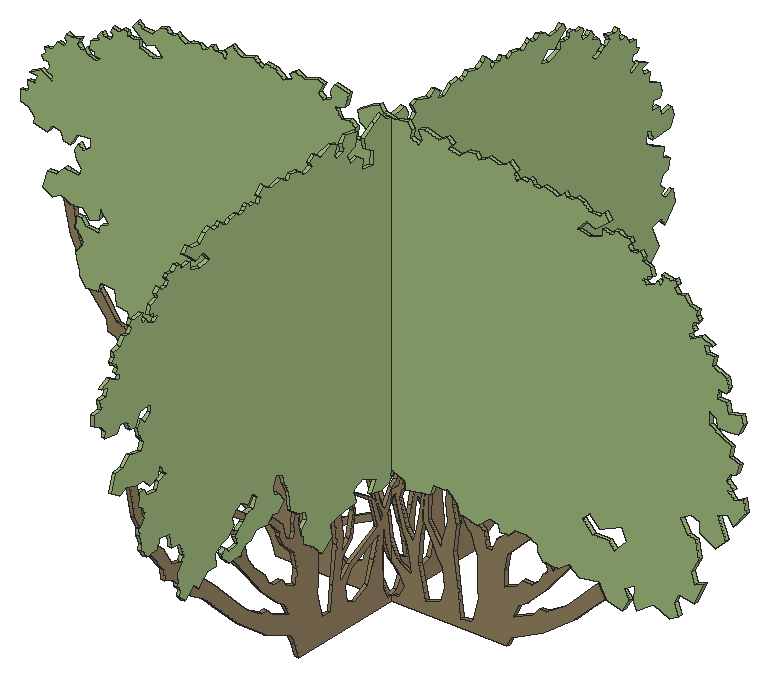
Revit family "L-PL상록관목_꽝꽝나무", category 수목, Revit 2019
Family settings
  OmniClass 번호 = 23.40.05.00
  OmniClass 제목 = Plants and Planting Products
  작업 기준면 기반 = 아니오
  항상 수직 = 예
  로드될 때 보이드를 사용하여 절단 = 아니오
  렌더 모양 소스 = 패밀리 형상
  공유 = 아니오
Parameters (values of type "꽝꽝나무")
  한국산업규격KS = ""
  조달청표준공사코드-세부공종 = "10161599202809"
  높이 = 1000 mm
  건설정보분류체계-부위분류 = "E985"
  LIM_INFO_주의사항 = "재배포, 재가공, 판매 금지"
  LIM_INFO_제작일 = "20211210"
  LIM_INFO_버전 = "2022_V01"
  LIM_INFO_PL_학명 = "Quercus myrsinaefolia Bl."
  LIM_INFO_PL_품명 = "가시나무"
  LIM_INFO_PL_주당인정수량 = 0
  LIM_INFO_PL_수목단위 = "주"
  LIM_INFO_PL_규격 = "5.0H X 18R"
  LIM_INFO_PL_구분 = "상록교목"
  LIM_INFO_PL_가격 = 0
  LIM_INFO_PL_Qty [instance] = 0
  LIM_INFO_PL_M2당수량 = 0
  KBIMS_식별-버전 = ""
  KBIMS_식별-bSK등록번호 = ""
  KBIMS_보급정보-저작자 = "림인포테크_MMJ"
  KBIMS_보급정보-보급코드 = ""
Reference planes
  plane 1 "중심(앞/뒤)": y = 0
  plane 2: z = 0
  plane 3 "중심(왼쪽/오른쪽)": x = 0
  plane 4: x = 482.5
  plane 5: x = -607.5
  plane 6: z = -545
  plane 7: z = -817.5
  plane 8: z = 5000
  plane 9: x = -100
  plane 10: x = 100
Dimensions and locks
  plane 4 to plane 5 = 1090 mm
  plane 6 to level = 545 mm
  plane 7 to plane 6 = 272.5 mm
  locked: level to plane 8 at 5000
  plane 9 to plane 10 = 200 mm
  aligned and locked: level to plane 2
Nested families
  nested 1: "꽝꽝나무_base" at (0, 0, 0), type "꽝꽝나무_base"
Definition of nested family "꽝꽝나무_base"
  Parameters (values of type "꽝꽝나무_base")
    Height = 6000 mm
  Reference planes
    plane 1 "중심(앞/뒤)": y = 0
    plane 2: z = 0
    plane 3 "중심(왼쪽/오른쪽)": x = 0
  Forms (mm)
    Extrusion 1, solid, detail levels fine
      sketch origin (0, 0, 0) x (1, 0, 0) y (0, 0, 1)
        loop
          line (-133.994, 125.505) -> (-118.815, 109.897) -> (-101.467, 123.771) -> (-104.937, 139.812) -> (-79.769, 145.683) -> (-60.265, 147.076) -> (-64.444, 165.181) -> (-48.423, 172.144) -> (-24.739, 161.003) -> (-33.795, 146.379) -> (-17.773, 142.897) -> (-4.538, 147.076) -> (2.428, 161.003) -> (18.45, 154.039) -> (19.843, 144.29) -> (54.672, 149.861) -> (58.852, 163.092) -> (77.66, 163.092) -> (91.591, 151.254) -> (94.378, 140.808) -> (117.365, 133.845) -> (135.476, 148.468) -> (148.712, 145.683) -> (150.105, 138.023) -> (161.947, 137.327) -> (170.306, 145.683) -> (185.631, 146.379) -> (201.652, 140.112) -> (201.652, 132.452) -> (209.315, 121.31) -> (229.516, 120.614) -> (244.841, 130.363) -> (258.949, 119.096) -> (285.525, 124.184) -> (295.138, 105.53) -> (318.321, 99.877) -> (328.499, 116.27) -> (319.452, 127.01) -> (334.719, 136.62) -> (333.588, 115.705) -> (338.112, 106.095) -> (360.73, 121.357) -> (383.914, 112.313) -> (396.354, 120.227) -> (390.699, 134.924) -> (395.223, 146.229) -> (417.275, 143.403) -> (430.846, 171.101) -> (418.406, 166.579) -> (413.883, 181.276) -> (422.93, 198.234) -> (418.972, 221.975) -> (408.228, 225.367) -> (399.181, 242.89) -> (412.752, 251.369) -> (425.192, 247.412) -> (425.192, 232.715) -> (446.679, 220.844) -> (460.25, 234.411) -> (448.941, 263.239) -> (463.642, 267.196) -> (470.993, 257.022) -> (487.391, 277.936) -> (484.71, 294.941) -> (472.8, 288.988) -> (463.316, 298.469) -> (471.256, 301.555) -> (461.552, 310.374) -> (467.507, 319.414) -> (476.108, 322.501) -> (479.417, 335.73) -> (466.625, 341.021) -> (468.389, 353.809) -> (454.274, 360.423) -> (437.953, 371.006) -> (439.056, 387.101) -> (447.878, 381.369) -> (449.422, 371.227) -> (467.727, 371.668) -> (478.755, 373.211) -> (485.592, 385.999) -> (482.504, 397.243) -> (464.64, 393.716) -> (461.773, 406.504) -> (448.981, 406.724) -> (450.524, 418.85) -> (461.773, 417.748) -> (465.301, 423.921) -> (461.368, 435.443) -> (443.153, 444.803) -> (445.465, 456.687) -> (434.898, 457.678) -> (431.596, 466.591) -> (442.163, 468.572) -> (427.633, 475.504) -> (411.782, 467.581) -> (411.101, 473.77) -> (418.269, 478.249) -> (414.685, 483.112) -> (416.349, 489.638) -> (422.621, 489.766) -> (425.181, 494.628) -> (420.701, 498.723) -> (421.597, 505.761) -> (410.333, 508.065) -> (403.804, 518.046) -> (394.46, 516.51) -> (390.876, 523.42) -> (394.076, 526.491) -> (391.644, 533.274) -> (385.884, 530.458) -> (372.534, 533.028) -> (375.606, 526.502) -> (371.254, 519.592) -> (366.646, 523.559) -> (362.806, 516.521) -> (351.925, 512.81) -> (344.629, 518.824) -> (352.821, 519.208) -> (353.077, 524.199) -> (360.246, 525.35) -> (357.942, 535.843) -> (345.781, 539.938) -> (348.085, 545.313) -> (343.477, 551.711) -> (339.125, 547.014) -> (330.193, 547.014) -> (326.744, 552.656) -> (330.82, 557.044) -> (328.703, 561.981) -> (319.767, 560.414) -> (313.652, 565.586) -> (308.086, 564.489) -> (307.616, 559.317) -> (301.005, 558.316) -> (291.418, 560.513) -> (291.618, 550.529) -> (272.643, 545.138) -> (257.462, 548.532) -> (269.846, 561.511) -> (281.231, 557.118) -> (292.417, 566.703) -> (300.406, 573.092) -> (294.414, 581.478) -> (287.423, 576.087) -> (273.242, 574.889) -> (264.066, 583.973) -> (255.291, 586.815) -> (249.976, 582.12) -> (242.19, 582.49) -> (239.348, 586.815) -> (235.764, 582.737) -> (227.483, 578.166) -> (220.686, 581.749) -> (209.81, 583.849) -> (203.012, 579.155) -> (196.943, 581.432) -> (195.347, 585.73) -> (190.925, 587.449) -> (187.977, 582.906) -> (179.625, 583.765) -> (172.501, 578.608) -> (169.553, 586.098) -> (173.484, 589.904) -> (163.657, 598.254) -> (159.236, 593.465) -> (150.137, 589.612) -> (133.864, 593.532) -> (128.179, 589.024) -> (121.316, 585.888) -> (117.199, 592.356) -> (105.043, 590.004) -> (92.692, 581.38) -> (79.948, 584.908) -> (84.849, 591.768) -> (76.131, 597.292) -> (65.999, 591.448) -> (46.708, 597.097) -> (37.94, 593.98) -> (44.175, 582.488) -> (38.135, 576.06) -> (26.834, 579.956) -> (28.587, 590.085) -> (22.937, 599.045) -> (4.036, 594.954) -> (-9.603, 598.461) -> (-15.254, 606.252) -> (-27.14, 600.408) -> (-45.542, 589.131) -> (-42.771, 575.976) -> (-28.92, 566.976) -> (-29.612, 550.013) -> (-50.043, 553.475) -> (-48.658, 565.591) -> (-56.969, 572.168) -> (-69.781, 569.053) -> (-76.707, 582.553) -> (-62.386, 587.298) -> (-58.705, 604.304) -> (-77.606, 608.395) -> (-83.256, 599.434) -> (-81.503, 589.306) -> (-92.804, 585.41) -> (-98.844, 591.838) -> (-92.609, 603.33) -> (-101.378, 606.447) -> (-120.668, 600.798) -> (-130.8, 606.642) -> (-139.518, 601.117) -> (-134.617, 594.258) -> (-147.361, 590.73) -> (-159.712, 599.354) -> (-171.868, 601.705) -> (-175.985, 595.238) -> (-182.848, 598.374) -> (-188.533, 602.881) -> (-204.806, 598.962) -> (-213.905, 602.815) -> (-218.326, 607.604) -> (-228.153, 599.254) -> (-224.222, 595.448) -> (-227.17, 587.958) -> (-234.294, 593.115) -> (-242.646, 592.255) -> (-245.594, 596.798) -> (-250.016, 595.079) -> (-251.613, 590.782) -> (-257.681, 588.504) -> (-264.479, 593.199) -> (-275.355, 591.099) -> (-282.152, 587.516) -> (-290.433, 592.087) -> (-294.017, 596.164) -> (-296.859, 591.84) -> (-304.646, 591.469) -> (-309.96, 596.164) -> (-318.735, 593.323) -> (-327.911, 584.239) -> (-342.092, 585.437) -> (-349.083, 590.828) -> (-355.075, 582.442) -> (-347.086, 576.052) -> (-335.9, 566.468) -> (-324.515, 570.861) -> (-312.131, 557.882) -> (-327.312, 554.488) -> (-346.287, 559.879) -> (-346.087, 569.863) -> (-355.675, 567.666) -> (-362.285, 568.667) -> (-362.756, 573.839) -> (-368.321, 574.936) -> (-374.436, 569.764) -> (-383.372, 571.331) -> (-385.489, 566.394) -> (-381.413, 562.006) -> (-384.862, 556.363) -> (-393.794, 556.363) -> (-398.146, 561.061) -> (-402.754, 554.662) -> (-400.45, 549.288) -> (-412.611, 545.193) -> (-414.915, 534.7) -> (-407.746, 533.548) -> (-407.49, 528.558) -> (-399.298, 528.174) -> (-406.594, 522.16) -> (-417.475, 525.871) -> (-421.315, 532.909) -> (-425.923, 528.942) -> (-430.275, 535.852) -> (-427.203, 542.378) -> (-440.553, 539.808) -> (-446.313, 542.623) -> (-448.745, 535.841) -> (-445.545, 532.77) -> (-449.129, 525.86) -> (-458.474, 527.396) -> (-465.002, 517.414) -> (-476.266, 515.111) -> (-475.37, 508.073) -> (-479.85, 503.978) -> (-477.29, 499.116) -> (-471.018, 498.988) -> (-469.354, 492.461) -> (-472.938, 487.599) -> (-465.77, 483.12) -> (-466.451, 476.931) -> (-482.302, 484.854) -> (-496.832, 477.921) -> (-486.265, 475.941) -> (-489.567, 467.028) -> (-500.134, 466.037) -> (-497.822, 454.153) -> (-510.041, 451.512) -> (-509.38, 437.647) -> (-498.813, 433.356) -> (-490.558, 424.113) -> (-491.878, 416.19) -> (-471.735, 412.559) -> (-465.791, 421.802) -> (-454.563, 419.821) -> (-449.94, 408.597) -> (-440.56, 407.273) -> (-431.607, 422.521) -> (-413.37, 423.847) -> (-412.375, 413.239) -> (-423.317, 405.947) -> (-429.617, 412.576) -> (-435.254, 403.295) -> (-432.933, 391.362) -> (-424.975, 383.075) -> (-428.763, 372.875) -> (-441.93, 374.691) -> (-448.514, 376.733) -> (-459.638, 365.386) -> (-472.578, 363.797) -> (-479.448, 342.451) -> (-466.012, 334.102) -> (-454.517, 340.191) -> (-440.413, 334.051) -> (-424.716, 334.96) -> (-414.024, 324.044) -> (-401.284, 328.593) -> (-399.237, 341.555) -> (-387.233, 326.207) -> (-398.755, 321.976) -> (-402.282, 312.809) -> (-419.211, 314.219) -> (-424.855, 323.151) -> (-432.144, 322.446) -> (-435.436, 307.403) -> (-426.736, 300.821) -> (-423.051, 292.491) -> (-433.431, 278.648) -> (-432.676, 269.44) -> (-428.146, 257.364) -> (-428.599, 249.666) -> (-420.445, 238.495) -> (-401.634, 239.254) -> (-399.694, 251.619) -> (-379.807, 249.68) -> (-376.896, 231.254) -> (-362.83, 229.071) -> (-357.009, 212.585) -> (-367.68, 194.401) -> (-366.953, 177.914) -> (-361.132, 171.126) -> (-362.587, 163.852) -> (-355.069, 155.852) -> (-349.248, 159.488) -> (-338.819, 167.004) -> (-331.058, 159.973) -> (-317.234, 175.005) -> (-302.164, 174.494) -> (-303.328, 190.782) -> (-293.629, 198.538) -> (-280.44, 200.477) -> (-271.129, 212.111) -> (-273.845, 222.582) -> (-257.551, 234.216) -> (-247.077, 226.848) -> (-239.706, 237.319) -> (-230.396, 229.175) -> (-236.215, 217.541) -> (-250.569, 217.928) -> (-253.284, 208.233) -> (-264.146, 202.416) -> (-267.054, 196.169) -> (-263.166, 185.965) -> (-278.234, 182.078) -> (-284.31, 189.609) -> (-291.844, 185.479) -> (-288.684, 179.162) -> (-277.748, 168.958) -> (-257.576, 169.687) -> (-250.042, 179.648) -> (-241.05, 179.891) -> (-233.03, 188.151) -> (-226.468, 189.123) -> (-211.886, 186.937) -> (-204.352, 196.169) -> (-195.603, 193.982) -> (-185.153, 205.644) -> (-192.444, 216.82) -> (-202.165, 219.249) -> (-203.866, 229.21) -> (-197.791, 242.816) -> (-186, 237.55) -> (-182.371, 222.562) -> (-175.044, 210.928) -> (-172.16, 186.203) -> (-160.884, 177.532) -> (-146.138, 174.497) -> (-145.271, 163.658) -> (-153.077, 154.987) -> (-151.342, 137.211) -> (-133.994, 125.505)
        loop
          line (316.735, 202.802) -> (287.359, 189.377) -> (273.217, 203.519) -> (263.213, 193.515) -> (277.355, 179.373) -> (299.043, 179.373) -> (307.923, 170.493) -> (324.105, 186.675) -> (316.735, 202.802)
      from 0 to 5
    Extrusion 2, solid, detail levels fine
      sketch origin (0, 0, 0) x (1, 0, 0) y (0, 0, 1)
        loop
          line (-346.333, 161.589) -> (-343.667, 157.417) -> (-321.431, 143.434) -> (-290.227, 114.034) -> (-260.015, 84.828) -> (-217.242, 53.828) -> (-173.043, 32.448) -> (-165.558, 19.621) -> (-158.625, 0) -> (158.625, 0) -> (166.11, 12.828) -> (210.309, 34.207) -> (253.082, 65.208) -> (283.295, 94.414) -> (295.123, 105.559) -> (286.19, 122.894) -> (241.696, 78.416) -> (214.622, 62.291) -> (204.829, 61.715) -> (196.764, 52.501) -> (168.537, 39.832) -> (176.026, 55.381) -> (188.123, 64.019) -> (212.893, 87.054) -> (246.813, 128.788) -> (244.841, 130.363) -> (229.516, 120.614) -> (228.637, 120.644) -> (224.478, 116.323) -> (222.899, 117.184) -> (220.346, 120.93) -> (212.737, 121.192) -> (215.963, 115.263) -> (215.963, 109.491) -> (210.419, 107.841) -> (203.791, 94.913) -> (193.41, 88.389) -> (181.125, 88.551) -> (172.881, 78.37) -> (157.039, 72.553) -> (155.908, 91.621) -> (160.434, 113.113) -> (192.311, 143.766) -> (185.631, 146.379) -> (170.306, 145.683) -> (161.947, 137.327) -> (157.602, 137.582) -> (152.332, 132.314) -> (145.294, 128.117) -> (144.553, 122.439) -> (138.256, 112.071) -> (132.206, 112.071) -> (129.983, 120.217) -> (128.255, 130.092) -> (121.043, 136.814) -> (117.365, 133.845) -> (98.774, 139.477) -> (104.054, 127.747) -> (111.215, 121.451) -> (115.043, 106.64) -> (119.472, 98.081) -> (119.472, 76.018) -> (119.486, 57.279) -> (121.206, 46.104) -> (112.025, 13.483) -> (96.396, 12.088) -> (92.488, 43.057) -> (86.906, 91.045) -> (90.256, 124.247) -> (84.632, 147.675) -> (84.632, 157.167) -> (77.66, 163.092) -> (76.024, 163.092) -> (74.749, 148.49) -> (78.488, 124.901) -> (69.054, 92.102) -> (51.202, 118.21) -> (52.429, 149.502) -> (46.493, 148.553) -> (43.598, 122.506) -> (44.59, 113.913) -> (57.483, 92.102) -> (63.764, 75.247) -> (71.368, 65.994) -> (74.012, 42.199) -> (68.062, 23.361) -> (47.565, 17.082) -> (37.962, 59.92) -> (41.168, 95.705) -> (45.299, 111.715) -> (43.9, 113.772) -> (43.159, 122.575) -> (46.057, 148.483) -> (42.619, 147.933) -> (40.114, 122.41) -> (35.094, 102.008) -> (30.815, 84.615) -> (21.547, 96.452) -> (11.338, 130.469) -> (14.441, 142.313) -> (19.525, 146.511) -> (18.761, 151.86) -> (16.479, 150.09) -> (17.609, 154.404) -> (13.891, 156.02) -> (10.866, 145.736) -> (1.98, 138.844) -> (-10.95, 116.92) -> (-19.288, 131.15) -> (-23.001, 144.034) -> (-27.19, 144.944) -> (-23.369, 127.213) -> (-14.445, 110.993) -> (-18.004, 104.959) -> (-28.146, 137.478) -> (-34.108, 142.897) -> (-63.659, 161.777) -> (-62.933, 158.633) -> (-32.889, 137.343) -> (-21.976, 100.541) -> (-71.701, 76.627) -> (-85.376, 62.677) -> (-88.725, 66.304) -> (-84.908, 84.998) -> (-82.396, 91.415) -> (-67.046, 105.923) -> (-61.743, 139.682) -> (-63.534, 146.842) -> (-66.357, 146.641) -> (-64.534, 139.961) -> (-71.512, 108.434) -> (-84.629, 96.437) -> (-83.234, 116.246) -> (-86.87, 144.027) -> (-96.967, 141.671) -> (-93.839, 110.666) -> (-99.421, 62.678) -> (-103.328, 31.708) -> (-118.958, 33.103) -> (-128.138, 65.724) -> (-126.418, 76.899) -> (-126.405, 95.639) -> (-126.405, 117.701) -> (-133.994, 125.505) -> (-151.342, 137.211) -> (-152.129, 145.268) -> (-155.32, 146.799) -> (-158.91, 157.682) -> (-159.953, 168.797) -> (-158.922, 177.128) -> (-160.884, 177.532) -> (-164.386, 180.225) -> (-166.438, 168.102) -> (-165.396, 157.335) -> (-168.06, 150.041) -> (-179.873, 154.904) -> (-183.232, 162.429) -> (-183.678, 166.681) -> (-186.914, 175.693) -> (-194.889, 184.012) -> (-205.901, 194.272) -> (-210.852, 188.204) -> (-201.16, 179.743) -> (-191.441, 167.599) -> (-191.603, 162.255) -> (-184.34, 149.055) -> (-167.367, 132.734) -> (-162.841, 111.242) -> (-163.972, 92.173) -> (-179.814, 97.991) -> (-188.058, 108.171) -> (-200.343, 108.01) -> (-210.724, 114.534) -> (-217.352, 127.461) -> (-236.588, 144.267) -> (-248.873, 162.043) -> (-252.103, 176.924) -> (-256.6, 170.977) -> (-256.405, 166.458) -> (-257.205, 165.619) -> (-261.241, 169.555) -> (-272.731, 169.14) -> (-249.781, 143.53) -> (-219.826, 106.674) -> (-195.056, 83.639) -> (-182.958, 75.001) -> (-175.47, 59.453) -> (-203.696, 72.122) -> (-211.761, 81.336) -> (-221.554, 81.912) -> (-248.629, 98.036) -> (-266.487, 115.888) -> (-303.987, 153.495) -> (-322.398, 169.39) -> (-331.058, 159.973) -> (-338.819, 167.004) -> (-346.333, 161.589)
        loop
          line (-264.169, 202.367) -> (-274.159, 208.325) -> (-277.012, 204.76) -> (-266.207, 197.988) -> (-264.169, 202.367)
        loop
          line (-11.703, 102.948) -> (-15.461, 65.689) -> (-14.774, 22.726) -> (-5.835, 5.197) -> (10.669, 9.321) -> (18.233, 24.101) -> (9.981, 39.911) -> (0.01, 51.254) -> (-9.273, 75.313) -> (-11.703, 102.948)
        loop
          line (-1.593, 76.041) -> (9.977, 51.209) -> (28.012, 42.364) -> (25.29, 62.094) -> (21.887, 80.464) -> (15.762, 91.349) -> (9.977, 113.461) -> (6.574, 131.15) -> (8.388, 137.314) -> (4.48, 134.087) -> (-7.639, 111.269) -> (-5.336, 107.337) -> (-1.593, 76.041)
        loop
          line (-21.543, 92.658) -> (-68.41, 70.157) -> (-79.068, 51.941) -> (-75.286, 32.006) -> (-61.877, 26.163) -> (-39.529, 36.13) -> (-30.246, 64.314) -> (-21.543, 92.658)
        loop
          line (-252.486, 211.083) -> (-250.569, 217.928) -> (-265.56, 228.498) -> (-272.215, 223.746) -> (-252.486, 211.083)
        loop
          line (-367.167, 182.762) -> (-367.68, 194.401) -> (-360.479, 206.672) -> (-377.147, 211.082) -> (-393.276, 236.996) -> (-400.887, 244.019) -> (-401.634, 239.254) -> (-415.214, 238.706) -> (-413.964, 237.73) -> (-391.369, 210.481) -> (-389.934, 196.14) -> (-379.174, 192.554) -> (-367.167, 182.762)
        loop
          line (-432.692, 279.632) -> (-425.662, 289.008) -> (-430.144, 299.191) -> (-431.104, 304.126) -> (-435.436, 307.403) -> (-433.48, 316.34) -> (-436.964, 334.25) -> (-440.413, 334.051) -> (-449.88, 338.172) -> (-440.513, 296.311) -> (-432.692, 279.632)
      from 0 to 5
    Extrusion 3, solid, detail levels fine
      sketch origin (-4.99, -5.01, 0) x (0, 1, 0) y (0, 0, 1)
        loop
          line (-133.994, 125.505) -> (-118.815, 109.897) -> (-101.467, 123.771) -> (-104.937, 139.812) -> (-79.769, 145.683) -> (-60.265, 147.076) -> (-64.444, 165.181) -> (-48.423, 172.144) -> (-24.739, 161.003) -> (-33.795, 146.379) -> (-17.773, 142.897) -> (-4.538, 147.076) -> (2.428, 161.003) -> (18.45, 154.039) -> (19.843, 144.29) -> (54.672, 149.861) -> (58.852, 163.092) -> (77.66, 163.092) -> (91.591, 151.254) -> (94.378, 140.808) -> (117.365, 133.845) -> (135.476, 148.468) -> (148.712, 145.683) -> (150.105, 138.023) -> (161.947, 137.327) -> (170.306, 145.683) -> (185.631, 146.379) -> (201.652, 140.112) -> (201.652, 132.452) -> (209.315, 121.31) -> (229.516, 120.614) -> (244.841, 130.363) -> (258.949, 119.096) -> (285.525, 124.184) -> (295.138, 105.53) -> (318.321, 99.877) -> (328.499, 116.27) -> (319.452, 127.01) -> (334.719, 136.62) -> (333.588, 115.705) -> (338.112, 106.095) -> (360.73, 121.357) -> (383.914, 112.313) -> (396.354, 120.227) -> (390.699, 134.924) -> (395.223, 146.229) -> (417.275, 143.403) -> (430.846, 171.101) -> (418.406, 166.579) -> (413.883, 181.276) -> (422.93, 198.234) -> (418.972, 221.975) -> (408.228, 225.367) -> (399.181, 242.89) -> (412.752, 251.369) -> (425.192, 247.412) -> (425.192, 232.715) -> (446.679, 220.844) -> (460.25, 234.411) -> (448.941, 263.239) -> (463.642, 267.196) -> (470.993, 257.022) -> (487.391, 277.936) -> (484.71, 294.941) -> (472.8, 288.988) -> (463.316, 298.469) -> (471.256, 301.555) -> (461.552, 310.374) -> (467.507, 319.414) -> (476.108, 322.501) -> (479.417, 335.73) -> (466.625, 341.021) -> (468.389, 353.809) -> (454.274, 360.423) -> (437.953, 371.006) -> (439.056, 387.101) -> (447.878, 381.369) -> (449.422, 371.227) -> (467.727, 371.668) -> (478.755, 373.211) -> (485.592, 385.999) -> (482.504, 397.243) -> (464.64, 393.716) -> (461.773, 406.504) -> (448.981, 406.724) -> (450.524, 418.85) -> (461.773, 417.748) -> (465.301, 423.921) -> (461.368, 435.443) -> (443.153, 444.803) -> (445.465, 456.687) -> (434.898, 457.678) -> (431.596, 466.591) -> (442.163, 468.572) -> (427.633, 475.504) -> (411.782, 467.581) -> (411.101, 473.77) -> (418.269, 478.249) -> (414.685, 483.112) -> (416.349, 489.638) -> (422.621, 489.766) -> (425.181, 494.628) -> (420.701, 498.723) -> (421.597, 505.761) -> (410.333, 508.065) -> (403.804, 518.046) -> (394.46, 516.51) -> (390.876, 523.42) -> (394.076, 526.491) -> (391.644, 533.274) -> (385.884, 530.458) -> (372.534, 533.028) -> (375.606, 526.502) -> (371.254, 519.592) -> (366.646, 523.559) -> (362.806, 516.521) -> (351.925, 512.81) -> (344.629, 518.824) -> (352.821, 519.208) -> (353.077, 524.199) -> (360.246, 525.35) -> (357.942, 535.843) -> (345.781, 539.938) -> (348.085, 545.313) -> (343.477, 551.711) -> (339.125, 547.014) -> (330.193, 547.014) -> (326.744, 552.656) -> (330.82, 557.044) -> (328.703, 561.981) -> (319.767, 560.414) -> (313.652, 565.586) -> (308.086, 564.489) -> (307.616, 559.317) -> (301.005, 558.316) -> (291.418, 560.513) -> (291.618, 550.529) -> (272.643, 545.138) -> (257.462, 548.532) -> (269.846, 561.511) -> (281.231, 557.118) -> (292.417, 566.703) -> (300.406, 573.092) -> (294.414, 581.478) -> (287.423, 576.087) -> (273.242, 574.889) -> (264.066, 583.973) -> (255.291, 586.815) -> (249.976, 582.12) -> (242.19, 582.49) -> (239.348, 586.815) -> (235.764, 582.737) -> (227.483, 578.166) -> (220.686, 581.749) -> (209.81, 583.849) -> (203.012, 579.155) -> (196.943, 581.432) -> (195.347, 585.73) -> (190.925, 587.449) -> (187.977, 582.906) -> (179.625, 583.765) -> (172.501, 578.608) -> (169.553, 586.098) -> (173.484, 589.904) -> (163.657, 598.254) -> (159.236, 593.465) -> (150.137, 589.612) -> (133.864, 593.532) -> (128.179, 589.024) -> (121.316, 585.888) -> (117.199, 592.356) -> (105.043, 590.004) -> (92.692, 581.38) -> (79.948, 584.908) -> (84.849, 591.768) -> (76.131, 597.292) -> (65.999, 591.448) -> (46.708, 597.097) -> (37.94, 593.98) -> (44.175, 582.488) -> (38.135, 576.06) -> (26.834, 579.956) -> (28.587, 590.085) -> (22.937, 599.045) -> (4.036, 594.954) -> (-9.603, 598.461) -> (-15.254, 606.252) -> (-27.14, 600.408) -> (-45.542, 589.131) -> (-42.771, 575.976) -> (-28.92, 566.976) -> (-29.612, 550.013) -> (-50.043, 553.475) -> (-48.658, 565.591) -> (-56.969, 572.168) -> (-69.781, 569.053) -> (-76.707, 582.553) -> (-62.386, 587.298) -> (-58.705, 604.304) -> (-77.606, 608.395) -> (-83.256, 599.434) -> (-81.503, 589.306) -> (-92.804, 585.41) -> (-98.844, 591.838) -> (-92.609, 603.33) -> (-101.378, 606.447) -> (-120.668, 600.798) -> (-130.8, 606.642) -> (-139.518, 601.117) -> (-134.617, 594.258) -> (-147.361, 590.73) -> (-159.712, 599.354) -> (-171.868, 601.705) -> (-175.985, 595.238) -> (-182.848, 598.374) -> (-188.533, 602.881) -> (-204.806, 598.962) -> (-213.905, 602.815) -> (-218.326, 607.604) -> (-228.153, 599.254) -> (-224.222, 595.448) -> (-227.17, 587.958) -> (-234.294, 593.115) -> (-242.646, 592.255) -> (-245.594, 596.798) -> (-250.016, 595.079) -> (-251.613, 590.782) -> (-257.681, 588.504) -> (-264.479, 593.199) -> (-275.355, 591.099) -> (-282.152, 587.516) -> (-290.433, 592.087) -> (-294.017, 596.164) -> (-296.859, 591.84) -> (-304.646, 591.469) -> (-309.96, 596.164) -> (-318.735, 593.323) -> (-327.911, 584.239) -> (-342.092, 585.437) -> (-349.083, 590.828) -> (-355.075, 582.442) -> (-347.086, 576.052) -> (-335.9, 566.468) -> (-324.515, 570.861) -> (-312.131, 557.882) -> (-327.312, 554.488) -> (-346.287, 559.879) -> (-346.087, 569.863) -> (-355.675, 567.666) -> (-362.285, 568.667) -> (-362.756, 573.839) -> (-368.321, 574.936) -> (-374.436, 569.764) -> (-383.372, 571.331) -> (-385.489, 566.394) -> (-381.413, 562.006) -> (-384.862, 556.363) -> (-393.794, 556.363) -> (-398.146, 561.061) -> (-402.754, 554.662) -> (-400.45, 549.288) -> (-412.611, 545.193) -> (-414.915, 534.7) -> (-407.746, 533.548) -> (-407.49, 528.558) -> (-399.298, 528.174) -> (-406.594, 522.16) -> (-417.475, 525.871) -> (-421.315, 532.909) -> (-425.923, 528.942) -> (-430.275, 535.852) -> (-427.203, 542.378) -> (-440.553, 539.808) -> (-446.313, 542.623) -> (-448.745, 535.841) -> (-445.545, 532.77) -> (-449.129, 525.86) -> (-458.474, 527.396) -> (-465.002, 517.414) -> (-476.266, 515.111) -> (-475.37, 508.073) -> (-479.85, 503.978) -> (-477.29, 499.116) -> (-471.018, 498.988) -> (-469.354, 492.461) -> (-472.938, 487.599) -> (-465.77, 483.12) -> (-466.451, 476.931) -> (-482.302, 484.854) -> (-496.832, 477.921) -> (-486.265, 475.941) -> (-489.567, 467.028) -> (-500.134, 466.037) -> (-497.822, 454.153) -> (-510.041, 451.512) -> (-509.38, 437.647) -> (-498.813, 433.356) -> (-490.558, 424.113) -> (-491.878, 416.19) -> (-471.735, 412.559) -> (-465.791, 421.802) -> (-454.563, 419.821) -> (-449.94, 408.597) -> (-440.56, 407.273) -> (-431.607, 422.521) -> (-413.37, 423.847) -> (-412.375, 413.239) -> (-423.317, 405.947) -> (-429.617, 412.576) -> (-435.254, 403.295) -> (-432.933, 391.362) -> (-424.975, 383.075) -> (-428.763, 372.875) -> (-441.93, 374.691) -> (-448.514, 376.733) -> (-459.638, 365.386) -> (-472.578, 363.797) -> (-479.448, 342.451) -> (-466.012, 334.102) -> (-454.517, 340.191) -> (-440.413, 334.051) -> (-424.716, 334.96) -> (-414.024, 324.044) -> (-401.284, 328.593) -> (-399.237, 341.555) -> (-387.233, 326.207) -> (-398.755, 321.976) -> (-402.282, 312.809) -> (-419.211, 314.219) -> (-424.855, 323.151) -> (-432.144, 322.446) -> (-435.436, 307.403) -> (-426.736, 300.821) -> (-423.051, 292.491) -> (-433.431, 278.648) -> (-432.676, 269.44) -> (-428.146, 257.364) -> (-428.599, 249.666) -> (-420.445, 238.495) -> (-401.634, 239.254) -> (-399.694, 251.619) -> (-379.807, 249.68) -> (-376.896, 231.254) -> (-362.83, 229.071) -> (-357.009, 212.585) -> (-367.68, 194.401) -> (-366.953, 177.914) -> (-361.132, 171.126) -> (-362.587, 163.852) -> (-355.069, 155.852) -> (-349.248, 159.488) -> (-338.819, 167.004) -> (-331.058, 159.973) -> (-317.234, 175.005) -> (-302.164, 174.494) -> (-303.328, 190.782) -> (-293.629, 198.538) -> (-280.44, 200.477) -> (-271.129, 212.111) -> (-273.845, 222.582) -> (-257.551, 234.216) -> (-247.077, 226.848) -> (-239.706, 237.319) -> (-230.396, 229.175) -> (-236.215, 217.541) -> (-250.569, 217.928) -> (-253.284, 208.233) -> (-264.146, 202.416) -> (-267.054, 196.169) -> (-263.166, 185.965) -> (-278.234, 182.078) -> (-284.31, 189.609) -> (-291.844, 185.479) -> (-288.684, 179.162) -> (-277.748, 168.958) -> (-257.576, 169.687) -> (-250.042, 179.648) -> (-241.05, 179.891) -> (-233.03, 188.151) -> (-226.468, 189.123) -> (-211.886, 186.937) -> (-204.352, 196.169) -> (-195.603, 193.982) -> (-185.153, 205.644) -> (-192.444, 216.82) -> (-202.165, 219.249) -> (-203.866, 229.21) -> (-197.791, 242.816) -> (-186, 237.55) -> (-182.371, 222.562) -> (-175.044, 210.928) -> (-172.16, 186.203) -> (-160.884, 177.532) -> (-146.138, 174.497) -> (-145.271, 163.658) -> (-153.077, 154.987) -> (-151.342, 137.211) -> (-133.994, 125.505)
        loop
          line (316.735, 202.802) -> (287.359, 189.377) -> (273.217, 203.519) -> (263.213, 193.515) -> (277.355, 179.373) -> (299.043, 179.373) -> (307.923, 170.493) -> (324.105, 186.675) -> (316.735, 202.802)
      from 0 to 5
    Extrusion 4, solid, detail levels fine
      sketch origin (-4.99, -5.01, 0) x (0, 1, 0) y (0, 0, 1)
        loop
          line (-346.333, 161.589) -> (-343.667, 157.417) -> (-321.431, 143.434) -> (-290.227, 114.034) -> (-260.015, 84.828) -> (-217.242, 53.828) -> (-173.043, 32.448) -> (-165.558, 19.621) -> (-158.625, 0) -> (158.625, 0) -> (166.11, 12.828) -> (210.309, 34.207) -> (253.082, 65.208) -> (283.295, 94.414) -> (295.123, 105.559) -> (286.19, 122.894) -> (241.696, 78.416) -> (214.622, 62.291) -> (204.829, 61.715) -> (196.764, 52.501) -> (168.537, 39.832) -> (176.026, 55.381) -> (188.123, 64.019) -> (212.893, 87.054) -> (246.813, 128.788) -> (244.841, 130.363) -> (229.516, 120.614) -> (228.637, 120.644) -> (224.478, 116.323) -> (222.899, 117.184) -> (220.346, 120.93) -> (212.737, 121.192) -> (215.963, 115.263) -> (215.963, 109.491) -> (210.419, 107.841) -> (203.791, 94.913) -> (193.41, 88.389) -> (181.125, 88.551) -> (172.881, 78.37) -> (157.039, 72.553) -> (155.908, 91.621) -> (160.434, 113.113) -> (192.311, 143.766) -> (185.631, 146.379) -> (170.306, 145.683) -> (161.947, 137.327) -> (157.602, 137.582) -> (152.332, 132.314) -> (145.294, 128.117) -> (144.553, 122.439) -> (138.256, 112.071) -> (132.206, 112.071) -> (129.983, 120.217) -> (128.255, 130.092) -> (121.043, 136.814) -> (117.365, 133.845) -> (98.774, 139.477) -> (104.054, 127.747) -> (111.215, 121.451) -> (115.043, 106.64) -> (119.472, 98.081) -> (119.472, 76.018) -> (119.486, 57.279) -> (121.206, 46.104) -> (112.025, 13.483) -> (96.396, 12.088) -> (92.488, 43.057) -> (86.906, 91.045) -> (90.256, 124.247) -> (84.632, 147.675) -> (84.632, 157.167) -> (77.66, 163.092) -> (76.024, 163.092) -> (74.749, 148.49) -> (78.488, 124.901) -> (69.054, 92.102) -> (51.202, 118.21) -> (52.429, 149.502) -> (46.493, 148.553) -> (43.598, 122.506) -> (44.59, 113.913) -> (57.483, 92.102) -> (63.764, 75.247) -> (71.368, 65.994) -> (74.012, 42.199) -> (68.062, 23.361) -> (47.565, 17.082) -> (37.962, 59.92) -> (41.168, 95.705) -> (45.299, 111.715) -> (43.9, 113.772) -> (43.159, 122.575) -> (46.057, 148.483) -> (42.619, 147.933) -> (40.114, 122.41) -> (35.094, 102.008) -> (30.815, 84.615) -> (21.547, 96.452) -> (11.338, 130.469) -> (14.441, 142.313) -> (19.525, 146.511) -> (18.761, 151.86) -> (16.479, 150.09) -> (17.609, 154.404) -> (13.891, 156.02) -> (10.866, 145.736) -> (1.98, 138.844) -> (-10.95, 116.92) -> (-19.288, 131.15) -> (-23.001, 144.034) -> (-27.19, 144.944) -> (-23.369, 127.213) -> (-14.445, 110.993) -> (-18.004, 104.959) -> (-28.146, 137.478) -> (-34.108, 142.897) -> (-63.659, 161.777) -> (-62.933, 158.633) -> (-32.889, 137.343) -> (-21.976, 100.541) -> (-71.701, 76.627) -> (-85.376, 62.677) -> (-88.725, 66.304) -> (-84.908, 84.998) -> (-82.396, 91.415) -> (-67.046, 105.923) -> (-61.743, 139.682) -> (-63.534, 146.842) -> (-66.357, 146.641) -> (-64.534, 139.961) -> (-71.512, 108.434) -> (-84.629, 96.437) -> (-83.234, 116.246) -> (-86.87, 144.027) -> (-96.967, 141.671) -> (-93.839, 110.666) -> (-99.421, 62.678) -> (-103.328, 31.708) -> (-118.958, 33.103) -> (-128.138, 65.724) -> (-126.418, 76.899) -> (-126.405, 95.639) -> (-126.405, 117.701) -> (-133.994, 125.505) -> (-151.342, 137.211) -> (-152.129, 145.268) -> (-155.32, 146.799) -> (-158.91, 157.682) -> (-159.953, 168.797) -> (-158.922, 177.128) -> (-160.884, 177.532) -> (-164.386, 180.225) -> (-166.438, 168.102) -> (-165.396, 157.335) -> (-168.06, 150.041) -> (-179.873, 154.904) -> (-183.232, 162.429) -> (-183.678, 166.681) -> (-186.914, 175.693) -> (-194.889, 184.012) -> (-205.901, 194.272) -> (-210.852, 188.204) -> (-201.16, 179.743) -> (-191.441, 167.599) -> (-191.603, 162.255) -> (-184.34, 149.055) -> (-167.367, 132.734) -> (-162.841, 111.242) -> (-163.972, 92.173) -> (-179.814, 97.991) -> (-188.058, 108.171) -> (-200.343, 108.01) -> (-210.724, 114.534) -> (-217.352, 127.461) -> (-236.588, 144.267) -> (-248.873, 162.043) -> (-252.103, 176.924) -> (-256.6, 170.977) -> (-256.405, 166.458) -> (-257.205, 165.619) -> (-261.241, 169.555) -> (-272.731, 169.14) -> (-249.781, 143.53) -> (-219.826, 106.674) -> (-195.056, 83.639) -> (-182.958, 75.001) -> (-175.47, 59.453) -> (-203.696, 72.122) -> (-211.761, 81.336) -> (-221.554, 81.912) -> (-248.629, 98.036) -> (-266.487, 115.888) -> (-303.987, 153.495) -> (-322.398, 169.39) -> (-331.058, 159.973) -> (-338.819, 167.004) -> (-346.333, 161.589)
        loop
          line (-264.169, 202.367) -> (-274.159, 208.325) -> (-277.012, 204.76) -> (-266.207, 197.988) -> (-264.169, 202.367)
        loop
          line (-11.703, 102.948) -> (-15.461, 65.689) -> (-14.774, 22.726) -> (-5.835, 5.197) -> (10.669, 9.321) -> (18.233, 24.101) -> (9.981, 39.911) -> (0.01, 51.254) -> (-9.273, 75.313) -> (-11.703, 102.948)
        loop
          line (-1.593, 76.041) -> (9.977, 51.209) -> (28.012, 42.364) -> (25.29, 62.094) -> (21.887, 80.464) -> (15.762, 91.349) -> (9.977, 113.461) -> (6.574, 131.15) -> (8.388, 137.314) -> (4.48, 134.087) -> (-7.639, 111.269) -> (-5.336, 107.337) -> (-1.593, 76.041)
        loop
          line (-21.543, 92.658) -> (-68.41, 70.157) -> (-79.068, 51.941) -> (-75.286, 32.006) -> (-61.877, 26.163) -> (-39.529, 36.13) -> (-30.246, 64.314) -> (-21.543, 92.658)
        loop
          line (-252.486, 211.083) -> (-250.569, 217.928) -> (-265.56, 228.498) -> (-272.215, 223.746) -> (-252.486, 211.083)
        loop
          line (-367.167, 182.762) -> (-367.68, 194.401) -> (-360.479, 206.672) -> (-377.147, 211.082) -> (-393.276, 236.996) -> (-400.887, 244.019) -> (-401.634, 239.254) -> (-415.214, 238.706) -> (-413.964, 237.73) -> (-391.369, 210.481) -> (-389.934, 196.14) -> (-379.174, 192.554) -> (-367.167, 182.762)
        loop
          line (-432.692, 279.632) -> (-425.662, 289.008) -> (-430.144, 299.191) -> (-431.104, 304.126) -> (-435.436, 307.403) -> (-433.48, 316.34) -> (-436.964, 334.25) -> (-440.413, 334.051) -> (-449.88, 338.172) -> (-440.513, 296.311) -> (-432.692, 279.632)
      from 0 to 5
    Revolve 5, solid, detail levels coarse
      sketch origin (0, 0, 0) x (1, 0, 0) y (0, 0, 1)
        loop
          line (0.01, 0) -> (0.01, 600) -> (-339.99, 600)
          arc (-339.99, 600) -> (-453.127, 553.137) -> (-499.99, 440) r 160
          line (-499.99, 440) -> (-499.99, 140)
          arc (-499.99, 140) -> (-476.558, 83.431) -> (-419.99, 60) r 80
          line (-419.99, 60) -> (-158.625, 60) -> (-158.625, 0) -> (0.01, 0)
        axis (0.01, 600) -> (0.01, 0)
      angle from 0 to 360
  Lines and regions (mm)
    symbolic lines
      curve 1: circle (-4.99, -0.974, 0) r 21.663 normal (0, 0, 1)
      curve 2: line (-265.477, -231.648, 0) -> (-251.636, -308.9, 0)
      curve 3: line (-251.636, -308.9, 0) -> (-159.391, -206.014, 0)
      curve 4: line (-159.391, -206.014, 0) -> (-205.087, -353.32, 0)
      curve 5: line (-205.087, -353.32, 0) -> (-135.172, -339.493, 0)
      curve 6: line (-135.172, -339.493, 0) -> (-114.52, -397.656, 0)
      curve 7: line (-114.52, -397.656, 0) -> (-27.046, -357.874, 0)
      curve 8: line (-27.046, -357.874, 0) -> (-15.135, -448.824, 0)
      curve 9: line (-15.135, -448.824, 0) -> (56.305, -207.073, 0)
      curve 10: line (56.305, -207.073, 0) -> (135.404, -393.76, 0)
      curve 11: line (135.404, -393.76, 0) -> (168.079, -343.809, 0)
      curve 12: line (168.079, -343.809, 0) -> (214.106, -371.112, 0)
      curve 13: line (214.106, -371.112, 0) -> (244.807, -311.383, 0)
      curve 14: line (244.807, -311.383, 0) -> (309.863, -314.684, 0)
      curve 15: line (309.863, -314.684, 0) -> (172.555, -124.683, 0)
      curve 16: line (172.555, -124.683, 0) -> (399.203, -226.966, 0)
      curve 17: line (399.203, -226.966, 0) -> (311.44, -114.149, 0)
      curve 18: line (311.44, -114.149, 0) -> (416.105, -112.484, 0)
      curve 19: line (416.105, -112.484, 0) -> (321.581, -45.656, 0)
      curve 20: line (321.581, -45.656, 0) -> (400.304, -33.769, 0)
      curve 21: line (400.304, -33.769, 0) -> (357.665, 12.615, 0)
      curve 22: line (357.665, 12.615, 0) -> (436.364, 36.73, 0)
      curve 23: line (436.364, 36.73, 0) -> (216.707, 63.704, 0)
      curve 24: line (216.707, 63.704, 0) -> (389.647, 170.167, 0)
      curve 25: line (389.647, 170.167, 0) -> (327.969, 197.439, 0)
      curve 26: line (327.969, 197.439, 0) -> (341.56, 252.245, 0)
      curve 27: line (341.56, 252.245, 0) -> (284.805, 262.408, 0)
      curve 28: line (284.805, 262.408, 0) -> (324.309, 322.153, 0)
      curve 29: line (324.309, 322.153, 0) -> (185.534, 253.416, 0)
      curve 30: line (185.534, 253.416, 0) -> (218.138, 341.027, 0)
      curve 31: line (218.138, 341.027, 0) -> (139.423, 325.227, 0)
      curve 32: line (139.423, 325.227, 0) -> (89.405, 393.606, 0)
      curve 33: line (89.405, 393.606, 0) -> (-7.67, 258.431, 0)
      curve 34: line (-7.67, 258.431, 0) -> (-28.572, 448.162, 0)
      curve 35: line (-28.572, 448.162, 0) -> (-61.144, 343.922, 0)
      curve 36: line (-61.144, 343.922, 0) -> (-98.957, 424.063, 0)
      curve 37: line (-98.957, 424.063, 0) -> (-117.423, 360.934, 0)
      curve 38: line (-117.423, 360.934, 0) -> (-215.282, 381.291, 0)
      curve 39: line (-215.282, 381.291, 0) -> (-235.71, 321.093, 0)
      curve 40: line (-235.71, 321.093, 0) -> (-287.082, 329.8, 0)
      curve 41: line (-287.082, 329.8, 0) -> (-197.781, 179.325, 0)
      curve 42: line (-197.781, 179.325, 0) -> (-365.649, 235.254, 0)
      curve 43: line (-365.649, 235.254, 0) -> (-277.896, 127.818, 0)
      curve 44: line (-277.896, 127.818, 0) -> (-403.154, 153.014, 0)
      curve 45: line (-403.154, 153.014, 0) -> (-322.349, 98.388, 0)
      curve 46: line (-322.349, 98.388, 0) -> (-377.134, 101.708, 0)
      curve 47: line (-377.134, 101.708, 0) -> (-370.216, 64.06, 0)
      curve 48: line (-370.216, 64.06, 0) -> (-454.299, 41.891, 0)
      curve 49: line (-454.299, 41.891, 0) -> (-407.718, -19.647, 0)
      curve 50: line (-407.718, -19.647, 0) -> (-430.128, -66.154, 0)
      curve 51: line (-430.128, -66.154, 0) -> (-252.096, -65.817, 0)
      curve 52: line (-252.096, -65.817, 0) -> (-423.25, -187, 0)
      curve 53: line (-423.25, -187, 0) -> (-359.452, -196.121, 0)
      curve 54: line (-359.452, -196.121, 0) -> (-349.058, -261.152, 0)
      curve 55: line (-349.058, -261.152, 0) -> (-265.477, -231.648, 0)
  Dimensions and locks
    aligned and locked: level to plane 2
